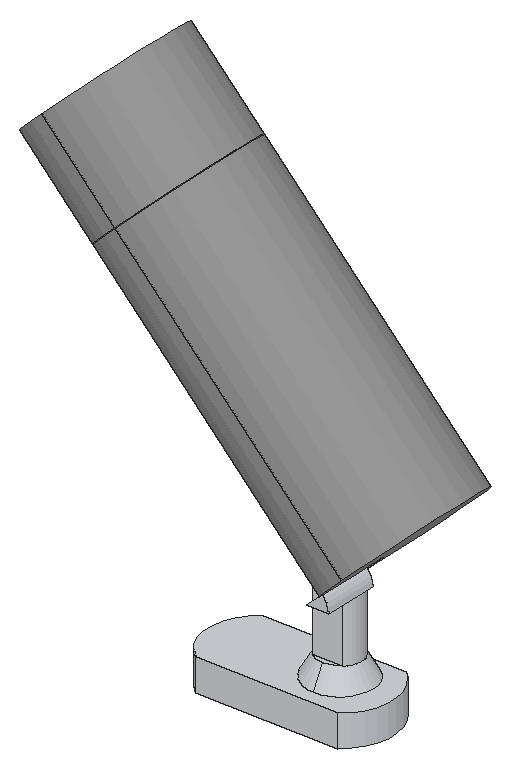
Revit family "005533", category Generic Models, host Face, Revit 2018
Family settings
  Host = Face
  Can host rebar = No
  Round Connector Dimension = Use Diameter
  Part Type = Normal
  OmniClass Number = 23.80.70.00
  OmniClass Title = Lighting
  Cut with Voids When Loaded = No
  Shared = No
  Room Calculation Point = No
Parameters (values of type "0005533 LENZO SMALL 15W 930 ON BOARD DIM WHITE")
  Width = 59.967 mm
  URL = "0.9"
  Type Image = <None>
  Type Comments = "n/a"
  Material_3_SYL = none
  Model = "Lenzo Small 15W 930 On Board Dim White"
  Manufacturer = ""
  Length = 160 mm
  Keynote = "n/a"
  Material_2_SYL = none
  Height = 194.195 mm
  Description = "The new generation of Lenzo improves the Sylvania track spot range with a simple and slick integral design fixture, with no driver box and no visible screws. Simple and integral design (diameter Ø60mm). Die cast aluminium body, passive cooling heat sink. Adjustable beam angle 15° - 50°. Textured White - RAL 9016.Light color temperature: 3000K, warm white, total system power: 15W. Total fixture output: 1000lm, efficacy: 67lm/W, Ra90 typical, LED chromacity: 3 step MacAdam ellipse (SDCM3), IR/UV free light source without heat radiation, operating voltage: 220-240V / 50-60Hz. On Board dimming driver, ultra low flicker rate, power factor: >0.90, electrical protection: Class I. Degree of protection: IP20, suitable for indoor environment only. Suitable for 3-circuit tracks, horizontal rotation: 345°, vertical tilt: 90°. Dimensions: Ø60x229mm, weight: 0.48Kg."
  Default Elevation = 1219.2 mm
  Cost = 0
  Material_1_SYL = none
  Assembly Code = "D5020200"
  Material_4_SYL = none
  Adaptor width = 32 mm
  Adaptor length = 70 mm
Reference planes
  plane 1 "Center (Front/Back)": y = 0
  plane 2: z = 0
  plane 3 "Center (Left/Right)": x = 0
  plane 4: y = 16
  plane 5: y = -16
  plane 6: x = -35
  plane 7: x = 35
  plane 8: z = 20
  plane 9: z = 35
  plane 10: z = 194.195
  plane 11: z = -30
  plane 12: z = -20
  plane 13: y = -46
  plane 14: y = 46
  plane 15: z = -31.471
  plane 16: z = -32.971
  plane 17: x = -27
  plane 18: x = 27
  plane 19: x = 17
  plane 20: y = 29.984
  plane 21: y = -29.984
  plane 22: x = -101.168
  plane 23: x = 58.832
Forms (mm)
  Extrusion 1, solid
    sketch origin (0, 0, 0) x (1, 0, 0) y (0, 1, 0)
      loop
        line (-27, -16) -> (27, -16)
        arc (27, -16) -> (35, 0) -> (27, 16) r 20
        line (27, 16) -> (-27, 16)
        arc (-27, 16) -> (-35, 0) -> (-27, -16) r 20
    from 0 to 12
Dimensions and locks
  "Adaptor width": plane 4 to plane 5
  equal spacing: plane 4, plane 1 "Center (Front/Back)", plane 5
  "Adaptor length": plane 6 to plane 7
  equal spacing: plane 6, plane 3 "Center (Left/Right)", plane 7
  "Width": plane 20 to plane 21
  equal spacing: plane 20, plane 1 "Center (Front/Back)", plane 21
  "Length": plane 22 to plane 23
  "Height": host face to plane 10
  aligned and locked: plane 2 to host face
  aligned and locked: level to host face
Automatic sketch dimensions
  host sketch curve to host sketch curve = 2438.4 mm  (x2)
  Extrusion 1 sketch curve to plane 5 = 0 mm
  Extrusion 1 sketch curve to plane 4 = 0 mm
  Extrusion 1 sketch curve to plane 17 = 0 mm  (x2)
  plane 1 "Center (Front/Back)" to Extrusion 1 sketch curve = 0 mm
  Extrusion 1 sketch curve to plane 18 = 0 mm
  plane 17 to Extrusion 1 sketch curve = 12 mm
  Extrusion 1 sketch curve to plane 19 = 2 mm
Nested families
  nested 1: "Lenzo arm with small spot Generic Family face based" at (13.525, 1.69, 12) x (0, -1, 0) z (0, 0, 1), type "Type Name"
Definition of nested family "Lenzo arm with small spot Generic Family face based"
  Parameters (values of type "Type Name")
    cutout = 11.5 mm
    Width = 25 mm
    URL = "http://www.sylvania-lighting.com"
    Type Image = (empty or 0)
    Type Comments = "n/a"
    Material_3_SYL = none
    Model = ""
    Manufacturer = "Feilo Sylvania"
    Length = 25 mm
    Keynote = ""
    Material_2_SYL = none
    Description = ""
    Default Elevation = 1219.2 mm
    Cost = 0
    Material_1_SYL = none
    Assembly Code = ""
    Material_4_SYL = none
  Reference planes
    plane 1 "Center (Front/Back)": y = 0
    plane 2: z = 0
    plane 3 "Center (Left/Right)": x = 0
    plane 4: y = 12.5
    plane 5: y = -12.5
    plane 6: x = -12.5
    plane 7: x = 12.5
    plane 8: z = 55
    plane 9: y = -46
    plane 10: y = 46
    plane 11: z = 8
    plane 12: x = 8
    plane 13: x = -8
    plane 14: x = 5.75
    plane 15: x = -5.75
    plane 16: z = 47
    plane 17: z = 39
  Forms (mm)
    Extrusion 1, solid
      sketch origin (4.2, 0, 0) x (1, 0, 0) y (0, 1, 0)
        loop
          line (-1219.2, 1219.2) -> (-1219.2, -1219.2) -> (1219.2, -1219.2) -> (1219.2, 1219.2) -> (-1219.2, 1219.2)
      from 0 to -68.017
    Blend 2, solid
      base sketch origin (0, 0, 0) x (1, 0, 0) y (0, 1, 0)
        loop
          circle (0, 0) r 12.5
      top sketch origin (0, 0, 0) x (1, 0, 0) y (0, 1, 0)
        loop
          circle (0, 0) r 8
      from 0 to 8
    Extrusion 3, solid
      sketch origin (0, 0, 0) x (1, 0, 0) y (0, 1, 0)
        loop
          circle (0, 0) r 8
      from 0 to 47
    Extrusion 4, void
      sketch origin (1524, -324.9, 1219.2) x (1, 0, 0) y (0, 0, 1)
        loop
          line (-1529.75, -1172.2) -> (-1538.187, -1172.2) -> (-1538.187, -1219.2) -> (-1529.75, -1219.2) -> (-1529.75, -1172.2)
      from -331.966 to -316.181
    Extrusion 5, void
      sketch origin (1542.25, -324.9, 1219.2) x (1, 0, 0) y (0, 0, 1)
        loop
          line (-1529.75, -1172.2) -> (-1536.5, -1172.2) -> (-1536.5, -1219.2) -> (-1529.75, -1219.2) -> (-1529.75, -1172.2)
      from -331.966 to -316.181
    Revolve 6, solid
      sketch origin (-1523.658, 9.044, 1219.272) x (-1, 0, 0) y (0, 0, 1)
        loop
          line (-1529.498, -1172.2) -> (-1550.4, -1172.2) -> (-1550.4, -1180.2) -> (-1529.498, -1180.2) -> (-1529.498, -1172.2)
        axis (-1529.498, -1180.2) -> (-1550.4, -1180.2)
      angle from -91.199 to -46.199
  Cuts and joins
    Extrusion 4, Extrusion 5 cuts Extrusion 3
  Dimensions and locks
    "Width": plane 4 to plane 5
    equal spacing: plane 4, plane 1 "Center (Front/Back)", plane 5
    "Length": plane 6 to plane 7
    equal spacing: plane 6, plane 3 "Center (Left/Right)", plane 7
    "cutout": plane 15 to plane 14
    equal spacing: plane 15, plane 3 "Center (Left/Right)", plane 14
    aligned and locked: plane 2 to Extrusion 1
    aligned and locked: level to Extrusion 1
  Automatic sketch dimensions
    Extrusion 1 sketch curve to Extrusion 1 sketch curve = 2438.4 mm  (x2)
    plane 1 "Center (Front/Back)" to Blend 2 sketch curve = 0 mm  (x2)
    Blend 2 sketch curve to plane 3 "Center (Left/Right)" = 0 mm  (x2)
    plane 1 "Center (Front/Back)" to Extrusion 3 sketch curve = 0 mm
    Extrusion 3 sketch curve to plane 3 "Center (Left/Right)" = 0 mm
    Extrusion 4 sketch curve to level = 0 mm
    plane 15 to Extrusion 4 sketch curve = 0 mm
    Extrusion 4 sketch curve to plane 6 = 1.687 mm
    Extrusion 4 sketch curve to plane 8 = 8 mm
    Extrusion 5 sketch curve to level = 0 mm
    Extrusion 5 sketch curve to plane 7 = 0 mm
    plane 14 to Extrusion 5 sketch curve = 0 mm
    Extrusion 5 sketch curve to plane 8 = 8 mm
    plane 17 to Revolve 6 sketch curve = 0.072 mm  (x2)
    plane 3 "Center (Left/Right)" to Revolve 6 sketch curve = 26.743 mm
    Revolve 6 sketch curve to plane 13 = 13.84 mm
    plane 16 to Revolve 6 sketch curve = 0.072 mm
    Revolve 6 sketch curve to plane 12 = 17.443 mm
    Revolve 6 sketch curve to plane 6 = 2.057 mm
    radius of Blend 2 sketch curve = 12.5 mm
    radius of Blend 2 sketch curve = 8 mm
    radius of Extrusion 3 sketch curve = 8 mm
  Nested families
    nested 1: "005533 Lenzo Small Spotlight Family face based data" at (0, 24.762, 54.146) x (1, 0, 0) z (0, -0.6922, 0.7217), type "0005533 LENZO SMALL 15W 930 ON BOARD DIM WHITE"
      with WarrantyStartDate "n/a", SerialNumber "n/a", InstallationDate "n/a", built-in parameter 1114216 (empty or 0), BarCode "n/a", AssetIdentifier "n/a"
  Definition of nested family "005533 Lenzo Small Spotlight Family face based data"
    Parameters (values of type "0005533 LENZO SMALL 15W 930 ON BOARD DIM WHITE")
      Weight = "n/a"
      Wattage Comments = ""
      Wattage = 9.2903 W
      WarrantyStartDate [instance] = "n/a"
      WarrantyGuarantorParts = "n/a"
      WarrantyDurationUnit = "n/a"
      WarrantyDurationParts = ""
      WarrantyDescription = "http://www.sylvania-lighting.com"
      built-in parameter 1150110 = 1 (stored number, unit not read)
      Voltage = 0 V
      URL = "0.9"
      TypeName = "Lenzo Small 15W 930 On Board Dim White"
      Type Image = (empty or 0)
      Type Comments = "n/a"
      built-in parameter 1114217 = 1 (stored number, unit not read)
      Tilt Angle = -90.00°
      built-in parameter 1150109 = 1 (stored number, unit not read)
      built-in parameter 1150134 = 3
      built-in parameter 1150113 = 1 (stored number, unit not read)
      SerialNumber [instance] = "n/a"
      Photometric Web File = "0005533-WB.IES"
      Material_3_SYL = none
      PowerFactor = 0
      PowerConsumption = "Lighting"
      NominalLength = 60 mm
      NominalHeight = 45 mm
      NominalDepth = 60 mm
      Name = "Lenzo Small 15W 930 On Board Dim White"
      ModelReference = Name  # "Lenzo Small 15W 930 On Board Dim White"
      ModelNumber = "0005533"
      Model = Name  # "Lenzo Small 15W 930 On Board Dim White"
      Material = "Feilo Sylvania"
      ManufacturerName = "67 lm/W"
      Manufacturer = ""
      LuminousEfficacy = ""
      built-in parameter 1150105 = 109.82 (stored number, unit not read)
      Lumens = 1380 lm
      LuminaireType = "0"
      built-in parameter 1150115 = 1 (stored number, unit not read)
      LightOutputRatio = "LED"
      built-in parameter 1150137 = (empty or 0)
      built-in parameter 1150139 = (empty or 0)
      LampsType = Lamp  # "n/a"
      LampNominalLuminous = "3000 K"
      LampMacAdamStep = "90"
      LampColourTemperature = "LED"
      LampColourRenderingIndex = "16500"
      built-in parameter 1150112 = 1 (stored number, unit not read)
      built-in parameter 1150114 = 1 (stored number, unit not read)
      Lamp = "n/a"
      Keynote = "n/a"
      InstallationDate [instance] = "n/a"
      InputVoltage = "0"
      InputNominalFrequency = "3000"
      built-in parameter 1150132 = (empty or 0)
      built-in parameter 1150102 = (empty or 0)
      built-in parameter 1150107 = 3200 (stored number, unit not read)
      built-in parameter 1150138 = (empty or 0)
      IngressProtection = "IfcLightFixtureType"
      ImpactProtectionIndex = "IfcLightFixtureType"
      built-in parameter 1150106 = 1.0982 (stored number, unit not read)
      IfcExportType = "IfcLightFixtureType"
      IfcExportAs = "Class I"
      Emit from Circle Diameter = 609.6 mm
      Emit Shape Visible in Rendering = no
      ElectricShockClassification = "67"
      built-in parameter 1150104 = 13.8 (stored number, unit not read)
      DocumentationLiterature = "http://www.sylvania-lighting.com/product/en-int/products/0005533"
      DimmingControlOptions = "n/a"
      Material_2_SYL = none
      Dimming Lamp Color Temperature Shift = (empty or 0)
      Description = "The new generation of Lenzo improves the Sylvania track spot range with a simple and slick integral design fixture, with no driver box and no visible screws. Simple and integral design (diameter Ø60mm). Die cast aluminium body, passive cooling heat sink. Adjustable beam angle 15° - 50°. Textured White - RAL 9016.Light color temperature: 3000K, warm white, total system power: 15W. Total fixture output: 1000lm, efficacy: 67lm/W, Ra90 typical, LED chromacity: 3 step MacAdam ellipse (SDCM3), IR/UV free light source without heat radiation, operating voltage: 220-240V / 50-60Hz. On Board dimming driver, ultra low flicker rate, power factor: >0.90, electrical protection: Class I. Degree of protection: IP20, suitable for indoor environment only. Suitable for 3-circuit tracks, horizontal rotation: 345°, vertical tilt: 90°. Dimensions: Ø60x229mm, weight: 0.48Kg."
      Default Elevation = 1219.2 mm
      CreatedOn = "03/04/2023"
      CreatedBy = "@sylvania-lighting.com"
      Cost = 0
      Color Filter = 16777215
      built-in parameter 1114216 [instance] = (empty or 0)
      ClassificationValue = "EF_70_80"
      ClassificationName = "Uniclass2015"
      Material_1_SYL = none
      BarCode [instance] = "n/a"
      built-in parameter 1114218 = 1 (stored number, unit not read)
      built-in parameter 1150133 = 10 (stored number, unit not read)
      AssetType = "Fixed"
      AssetIdentifier [instance] = "n/a"
      Assembly Code = "D5020200"
      Apparent Load = 15 VA
      Material_4_SYL = none
    Reference planes
      plane 1 "Center (Front/Back)": y = 0
      plane 2: z = 0
      plane 3 "Center (Left/Right)": x = 0
      plane 4: x = -30
      plane 5: x = 30
      plane 6: y = 30
      plane 7: y = -30
      plane 8: z = 45
      plane 9: y = -13
      plane 10: x = -7
      plane 11: x = 7
    Forms (mm)
      Extrusion 1, solid
        sketch origin (4.2, 0, 0) x (1, 0, 0) y (0, 1, 0)
          loop
            line (-1219.2, 1219.2) -> (-1219.2, -1219.2) -> (1219.2, -1219.2) -> (1219.2, 1219.2) -> (-1219.2, 1219.2)
        from 0 to -68.017
      Extrusion 2, solid
        sketch origin (0, 0, 0) x (1, 0, 0) y (0, 1, 0)
          loop
            circle (0.015, 0.002) r 30
        from 0 to 124
      Extrusion 3, solid
        sketch origin (0, 0, 0) x (1, 0, 0) y (0, 1, 0)
          loop
            circle (0, 0) r 30
        from 124 to 164
      Extrusion 4, void
        sketch origin (0, 0, 0) x (1, 0, 0) y (0, 1, 0)
          loop
            line (-7, -13) -> (-7, -30) -> (7, -30) -> (7, -13) -> (-7, -13)
        from 0 to 32
      Extrusion 5, solid, detail levels fine
        sketch origin (0, 0, 0) x (1, 0, 0) y (0, 1, 0)
          loop
            circle (0, 0) r 15
        from 138.007 to 138.988
      Extrusion 6, void
        sketch origin (0, 0, 0) x (1, 0, 0) y (0, 1, 0)
          loop
            circle (-0.002, 0.171) r 27.5
        from 164 to 162
      Blend 7, void
        base sketch origin (0, 0, 0) x (1, 0, 0) y (0, 1, 0)
          loop
            circle (-0.002, 0.171) r 27.5
        top sketch origin (0, 0, 0) x (1, 0, 0) y (0, 1, 0)
          loop
            circle (-0.002, 0.171) r 20.5
        from 162 to 158
      Extrusion 8, void
        sketch origin (0, 0, 0) x (1, 0, 0) y (0, 1, 0)
          loop
            circle (-0.002, 0.171) r 20.5
        from 158 to 143
      Blend 9, void
        base sketch origin (0, 0, 0) x (1, 0, 0) y (0, 1, 0)
          loop
            circle (-0.002, 0.171) r 20.5
        top sketch origin (0, 0, 0) x (1, 0, 0) y (0, 1, 0)
          loop
            circle (0, 0) r 15
        from 143 to 138.007
    Cuts and joins
      Extrusion 4, Extrusion 6, Blend 7, Extrusion 8, Blend 9 cuts Extrusion 2
      Extrusion 6, Blend 7, Extrusion 8, Blend 9 cuts Extrusion 3
    Dimensions and locks
      "NominalLength": plane 4 to plane 5
      equal spacing: plane 4, plane 3 "Center (Left/Right)", plane 5
      "NominalDepth": plane 6 to plane 7
      equal spacing: plane 6, plane 1 "Center (Front/Back)", plane 7
      "NominalHeight": plane 8 to level
      aligned and locked: plane 2 to Extrusion 1
      aligned and locked: level to Extrusion 1
    Automatic sketch dimensions
      Extrusion 1 sketch curve to Extrusion 1 sketch curve = 2438.4 mm  (x2)
      Extrusion 2 sketch curve to plane 1 "Center (Front/Back)" = 0.002 mm
      plane 3 "Center (Left/Right)" to Extrusion 2 sketch curve = 0.015 mm
      plane 1 "Center (Front/Back)" to Extrusion 3 sketch curve = 0 mm
      Extrusion 3 sketch curve to plane 3 "Center (Left/Right)" = 0 mm
      Extrusion 4 sketch curve to plane 7 = 0 mm
      Extrusion 4 sketch curve to plane 10 = 0 mm
      Extrusion 4 sketch curve to plane 11 = 0 mm
      Extrusion 4 sketch curve to plane 9 = 0 mm
      plane 1 "Center (Front/Back)" to Extrusion 5 sketch curve = 0 mm
      Extrusion 5 sketch curve to plane 3 "Center (Left/Right)" = 0 mm
      Extrusion 6 sketch curve to plane 3 "Center (Left/Right)" = 0.002 mm
      Extrusion 6 sketch curve to plane 1 "Center (Front/Back)" = 0.171 mm
      Blend 7 sketch curve to plane 3 "Center (Left/Right)" = 0.002 mm  (x2)
      Blend 7 sketch curve to plane 1 "Center (Front/Back)" = 0.171 mm  (x2)
      Extrusion 8 sketch curve to plane 3 "Center (Left/Right)" = 0.002 mm
      Extrusion 8 sketch curve to plane 1 "Center (Front/Back)" = 0.171 mm
      Blend 9 sketch curve to plane 3 "Center (Left/Right)" = 0.002 mm
      Blend 9 sketch curve to plane 1 "Center (Front/Back)" = 0.171 mm
      plane 1 "Center (Front/Back)" to Blend 9 sketch curve = 0 mm
      Blend 9 sketch curve to plane 3 "Center (Left/Right)" = 0 mm
      radius of Extrusion 2 sketch curve = 30 mm
      radius of Extrusion 3 sketch curve = 30 mm
      radius of Extrusion 5 sketch curve = 15 mm
      radius of Extrusion 6 sketch curve = 27.5 mm
      radius of Blend 7 sketch curve = 27.5 mm
      radius of Blend 7 sketch curve = 20.5 mm
      radius of Extrusion 8 sketch curve = 20.5 mm
      radius of Blend 9 sketch curve = 20.5 mm
      radius of Blend 9 sketch curve = 15 mm
    Connectors
      electrical at (0, 0, 0), driven by "Apparent Load", driven by "PowerFactor", driven by "Voltage"
        settings: index 1, voltage 0 V, apparent load 15 VA, apparent load phase1 0 VA, apparent load phase2 0 VA, apparent load phase3 0 VA, power factor 0, load classification none, number of poles 1, system type 30, power factor state 1, is connector primary yes, connector utility no, sub classification motor no, connector description ""
